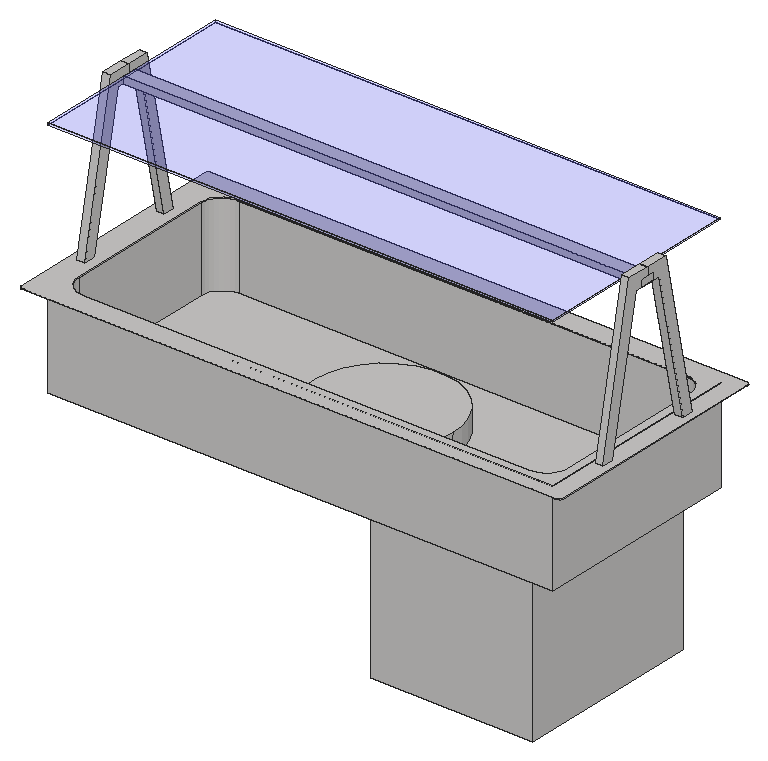
Revit family "QF_ZANUSSI_341176_D11C4O", category Specialty Equipment, Revit 2023
Family settings
  Round Connector Dimension = Use Diameter
  Part Type = Normal
  Work Plane-Based = No
  Enable Cutting in Views = No
  Always vertical = Yes
  Cut with Voids When Loaded = No
  Maintain Annotation Orientation = No
  Shared = No
  Room Calculation Point = No
Parameters (values of type "Standard")
  Weight = 81.10 kg
  Watts = 0 W
  Volts = 220 V
  URL Manufacturer = "http://www.zanussiprofessional.com"
  URL = "http://www.zanussiprofessional.com"
  Steam Supply Size = 0 mm
  Steam Supply Minimum Pressure = 0.0 Pa
  Steam Supply Maximum Pressure = 0.0 Pa
  Steam Consumption per Hour = 0
  Refrigeration Suction Line Size = 0 mm
  Refrigeration Liquid Line Size = 0 mm
  Refrigerant Compressor Remote = yes
  Default Elevation = 0 mm
  Manufacturer = "Zanussi"
  Phase = 1
  Model = "D11C4O"
  Length Actual = 1420 mm
  Item Number = "341176"
  Hot Water Size = 0 mm
  Height Actual = 999 mm
  HP = "0.8 HP"
  Gas Size = 0 mm
  Gas KW = 0
  Gas Input Pressure = 0 W
  Direct Waste Size = 25.4 mm
  Description = "DROP-IN REFRIGERATED WELL, STATIC WITH FAN, 4GN WITH A TYPE OVERSHELF AND LED LIGHT"
  Depth Actual = 620 mm
  Cycle = 50 Hz
  Condensate Return Size = 0 mm
  Compressed Air Volume = 0.0 L/s
  Compressed Air Size = 0 mm
  Compressed Air Pressure = 0.0 Pa
  Cold Water Size = 0 mm
  Accessory = no
Reference planes
  plane 1 "BACK": y = 0
  plane 2: z = 5.426
  plane 3 "LEFT": x = 0
  plane 4: y = -620
  plane 5: x = 1420
  plane 6: z = 409.426
  plane 7: y = -310
  plane 8: x = 710
Forms (mm)
  Extrusion 1, solid, material "QF_Finishes_Stainless Steel"
    sketch origin (0, 0, 5.426) x (1, 0, 0) y (0, 1, 0)
      loop
        arc (10, 0) -> (2.929, -2.929) -> (0, -10) r 10
        line (0, -10) -> (0, -610)
        arc (0, -610) -> (2.929, -617.071) -> (10, -620) r 10
        line (10, -620) -> (1410, -620)
        arc (1410, -620) -> (1417.071, -617.071) -> (1420, -610) r 10
        line (1420, -610) -> (1420, -10)
        arc (1420, -10) -> (1417.071, -2.929) -> (1410, 0) r 10
        line (1410, 0) -> (10, 0)
    from 0 to 1
  Extrusion 2, solid, material "QF_Finishes_Stainless Steel"
    sketch origin (0, 0, 12.548) x (1, 0, 0) y (0, 1, 0)
      loop
        line (50, -35) -> (50, -585) -> (1370, -585) -> (1370, -35) -> (50, -35)
    from -251.122 to -7.122
  Extrusion 3, void
    sketch origin (0, 0, -2.817) x (1, 0, 0) y (0, 1, 0)
      loop
        arc (125, -55) -> (86.109, -71.109) -> (70, -110) r 55
        line (70, -110) -> (70, -510)
        arc (70, -510) -> (86.109, -548.891) -> (125, -565) r 55
        line (125, -565) -> (1295, -565)
        arc (1295, -565) -> (1333.891, -548.891) -> (1350, -510) r 55
        line (1350, -510) -> (1350, -110)
        arc (1350, -110) -> (1333.891, -71.109) -> (1295, -55) r 55
        line (1295, -55) -> (125, -55)
    from -209.107 to 9.244
  Extrusion 4, solid, material "QF_Finishes_Stainless Steel"
    sketch origin (21.5, -620, 0) x (0, -1, 0) y (0, 0, -1)
      loop
        line (-310, -409.426) -> (-250.873, -409.426) -> (-165, -5.426) -> (-195, -5.426) -> (-272.583, -370.426) -> (-310, -370.426) -> (-310, -409.426)
    from 0 to 20
  Extrusion 5, solid, material "QF_Finishes_Stainless Steel"
    sketch origin (21.5, 0, 0) x (0, 1, 0) y (0, 0, 1)
      loop
        line (-310, 409.426) -> (-310, 370.426) -> (-272.583, 370.426) -> (-195, 5.426) -> (-165, 5.426) -> (-250.873, 409.426) -> (-310, 409.426)
    from 0 to 20
  Extrusion 6, solid, material "QF_Finishes_Stainless Steel"
    sketch origin (1398.5, -620, 0) x (0, -1, 0) y (0, 0, 1)
      loop
        line (-310, 409.426) -> (-310, 370.426) -> (-272.583, 370.426) -> (-195, 5.426) -> (-165, 5.426) -> (-250.873, 409.426) -> (-310, 409.426)
    from 0 to 20
  Extrusion 7, solid, material "QF_Finishes_Stainless Steel"
    sketch origin (1398.5, 0, 0) x (0, 1, 0) y (0, 0, -1)
      loop
        line (-310, -409.426) -> (-250.873, -409.426) -> (-165, -5.426) -> (-195, -5.426) -> (-272.583, -370.426) -> (-310, -370.426) -> (-310, -409.426)
    from 0 to 20
  Extrusion 8, solid, material "QF_Finishes_Stainless Steel"
    sketch origin (0, 0, 0) x (0, 1, 0) y (0, 0, 1)
      loop
        line (-291.292, 370.426) -> (-291.292, 387.956) -> (-328.917, 387.956) -> (-328.917, 370.426) -> (-291.292, 370.426)
    from 21.5 to 1398.5
  Extrusion 9, solid, material "Vetro"
    sketch origin (0, 0, 5.426) x (1, 0, 0) y (0, 1, 0)
      loop
        line (50, -35) -> (50, -585) -> (1370, -585) -> (1370, -35) -> (50, -35)
    from 382.529 to 387.529
  Extrusion 10, solid, material "QF_Finishes_Stainless Steel"
    sketch origin (329.693, -341.308, -643.387) x (0, 0, -1) y (0, 1, 0)
      loop
        circle (-372.814, -140.692) r 12.7
    from 5 to 70.307
  Extrusion 11, solid, material "QF_Finishes_Stainless Steel"
    sketch origin (0, 0, 5.426) x (1, 0, 0) y (0, 1, 0)
      loop
        circle (386.025, -481.971) r 12.675
    from -276 to -244
  Extrusion 12, solid, material "QF_Finishes_Stainless Steel"
    sketch origin (1725.693, 0, 22.375) x (-1, 0, 0) y (0, -1, 0)
      loop
        circle (1015.693, 310) r 180
    from -234.299 to -181.299
  Extrusion 13, solid, material "QF_Finishes_Stainless Steel"
    sketch origin (299.8, 0, 0.351) x (0, 1, 0) y (0, 0, 1)
      loop
        line (-161.185, -238.924) -> (-461.185, -238.924) -> (-461.185, -268.924) -> (-161.185, -268.924) -> (-161.185, -238.924)
    from 247.74 to 572.66
  Extrusion 14, solid, material "QF_Finishes_Stainless Steel"
    sketch origin (1542.74, 95, -362.649) x (0, 1, 0) y (0, 0, -1)
      loop
        line (-161.185, -124.076) -> (-161.185, 268.924) -> (-651.185, 268.924) -> (-651.185, -124.076) -> (-161.185, -124.076)
    from 247.74 to 670.28
Cuts and joins
  Extrusion 3 cuts Extrusion 1
  Extrusion 3 cuts Extrusion 2
Dimensions and locks
  equal spacing: Extrusion 1, Extrusion 2 sketch curve, Extrusion 2 sketch curve, Extrusion 1  (x2)
  Extrusion 1 to Extrusion 1 = 1420 mm
  Extrusion 1 to plane 1 "BACK" = 620 mm
  equal spacing: Extrusion 2, Extrusion 3 sketch curve, Extrusion 3 sketch curve, Extrusion 2  (x2)
  plane 6 to plane 2 = 404 mm
  equal spacing: plane 3 "LEFT", plane 8, plane 5
  Extrusion 5 to plane 8 to Extrusion 7 = 668.5 mm, 668.5 mm
  aligned and locked: level to plane 2
Automatic sketch dimensions
  Extrusion 1 sketch curve to plane 3 "LEFT" = 0 mm
  plane 4 to Extrusion 1 sketch curve = 0 mm
  plane 1 "BACK" to Extrusion 1 sketch curve = 0 mm
  Extrusion 1 sketch curve to plane 5 = 0 mm
  plane 3 "LEFT" to Extrusion 1 sketch curve = 10 mm  (x2)
  plane 5 to Extrusion 1 sketch curve = 10 mm  (x2)
  plane 3 "LEFT" to Extrusion 2 sketch curve = 50 mm
  plane 5 to Extrusion 2 sketch curve = 50 mm
  Extrusion 2 sketch curve to plane 4 = 35 mm
  plane 1 "BACK" to Extrusion 2 sketch curve = 35 mm
  plane 3 "LEFT" to Extrusion 3 sketch curve = 70 mm
  Extrusion 3 sketch curve to Extrusion 3 sketch curve = 55 mm  (x3)
  Extrusion 3 sketch curve to plane 4 = 55 mm
  plane 5 to Extrusion 3 sketch curve = 125 mm  (x2)
  plane 1 "BACK" to Extrusion 3 sketch curve = 110 mm
  Extrusion 4 sketch curve to plane 7 = 0 mm
  plane 6 to Extrusion 4 sketch curve = 0 mm
  Extrusion 4 sketch curve to level = 0 mm
  Extrusion 4 sketch curve to Extrusion 4 sketch curve = 37.417 mm
  Extrusion 4 sketch curve to Extrusion 4 sketch curve = 21.71 mm
  plane 7 to Extrusion 4 sketch curve = 115 mm
  Extrusion 4 sketch curve to Extrusion 4 sketch curve = 30 mm
  Extrusion 4 sketch curve to Extrusion 4 sketch curve = 39 mm
  Extrusion 5 sketch curve to plane 7 = 0 mm
  plane 6 to Extrusion 5 sketch curve = 0 mm
  Extrusion 5 sketch curve to level = 0 mm
  Extrusion 5 sketch curve to Extrusion 5 sketch curve = 37.417 mm
  Extrusion 5 sketch curve to Extrusion 5 sketch curve = 21.71 mm
  plane 7 to Extrusion 5 sketch curve = 115 mm
  Extrusion 5 sketch curve to Extrusion 5 sketch curve = 30 mm
  Extrusion 5 sketch curve to Extrusion 5 sketch curve = 39 mm
  Extrusion 6 sketch curve to plane 7 = 0 mm
  plane 6 to Extrusion 6 sketch curve = 0 mm
  Extrusion 6 sketch curve to level = 0 mm
  Extrusion 6 sketch curve to Extrusion 6 sketch curve = 37.417 mm
  Extrusion 6 sketch curve to Extrusion 6 sketch curve = 21.71 mm
  Extrusion 6 sketch curve to plane 7 = 115 mm
  Extrusion 6 sketch curve to Extrusion 6 sketch curve = 30 mm
  Extrusion 6 sketch curve to Extrusion 6 sketch curve = 39 mm
  Extrusion 7 sketch curve to plane 7 = 0 mm
  plane 6 to Extrusion 7 sketch curve = 0 mm
  Extrusion 7 sketch curve to level = 0 mm
  Extrusion 7 sketch curve to Extrusion 7 sketch curve = 37.417 mm
  Extrusion 7 sketch curve to Extrusion 7 sketch curve = 21.71 mm
  plane 7 to Extrusion 7 sketch curve = 115 mm
  Extrusion 7 sketch curve to Extrusion 7 sketch curve = 30 mm
  Extrusion 7 sketch curve to Extrusion 7 sketch curve = 39 mm
  Extrusion 8 sketch curve to plane 7 = 18.917 mm
  plane 7 to Extrusion 8 sketch curve = 18.708 mm
  plane 6 to Extrusion 8 sketch curve = 39 mm
  Extrusion 8 sketch curve to Extrusion 8 sketch curve = 17.529 mm
  plane 3 "LEFT" to Extrusion 9 sketch curve = 50 mm
  plane 5 to Extrusion 9 sketch curve = 50 mm
  Extrusion 9 sketch curve to plane 4 = 35 mm
  plane 1 "BACK" to Extrusion 9 sketch curve = 35 mm
  Extrusion 10 sketch curve to level = 276 mm
  Extrusion 10 sketch curve to plane 4 = 138 mm
  Extrusion 11 sketch curve to plane 4 = 138.029 mm
  Extrusion 11 sketch curve to plane 8 = 323.975 mm
  Extrusion 12 sketch curve to plane 7 = 0 mm
  Extrusion 12 sketch curve to plane 8 = 0 mm
  Extrusion 13 sketch curve to plane 7 = 151.185 mm
  plane 7 to Extrusion 13 sketch curve = 148.815 mm
  Extrusion 13 sketch curve to level = 274 mm
  Extrusion 13 sketch curve to Extrusion 13 sketch curve = 30 mm
  Extrusion 14 sketch curve to plane 7 = 246.185 mm
  plane 7 to Extrusion 14 sketch curve = 243.815 mm
  Extrusion 14 sketch curve to level = 244 mm
  Extrusion 14 sketch curve to Extrusion 14 sketch curve = 393 mm
  radius of Extrusion 10 sketch curve = 12.7 mm
  radius of Extrusion 11 sketch curve = 12.675 mm
  radius of Extrusion 12 sketch curve = 180 mm
Connectors
  piping at (334.693, -482, -270.574), diameter 25.4
    settings: on Extrusion 10, index 5, connector inside diameter 609.6 mm, connector length 0 mm, flow factor 0, pipe flow 0.0 L/s, pressure drop 0.0 Pa, fitting loss kfactor 0, connector angle 0.00°, fixture units 0, engagement length 0 mm, angle of deflection 0.00°, flow configuration 0, flow direction 0, fitting loss method 0, system type 29, joint type 0, gender type 0, connector reference index -1, connector utility 0, adjustable connector no, is connector primary yes, connector description "D"
